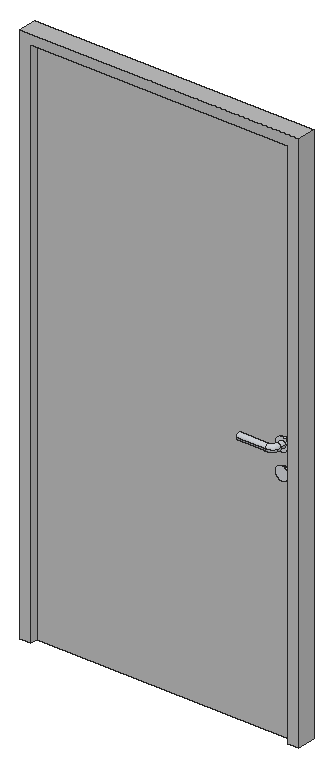
Revit family "BRU_Дверь_Однопольная_Стальная_Кл_П", category Двери, Revit 2021
Family settings
  Основа = Стена
  Номер OmniClass = 23.30.10.00
  Заголовок OmniClass = Doors
  Всегда вертикально = Да
  При загрузке вырезать с полостями = Нет
  Общий = Нет
  Точка принадлежности помещению = Нет
Parameters (values of type "ДСВ-О-Н-EI60 1100х2100(h) Пр")
  Четверть сверху.Размер [instance] = 30 mm
  Четверть (есть/нет) [instance] = no
  Четверть сверху [instance] = if([Четверть (есть/нет)], Четверть сверху.Размер, 0 mm)  # 0 mm
  Четверть сбоку [instance] = if([Четверть (есть/нет)], Четверти сбоку.Размер, 0 mm)  # 0 mm
  Четверти сбоку.Размер [instance] = 30 mm
  Угол в плане 30 [instance] = yes
  Тип полотна двери = Полотно : Глухое
  Ручка двери = none
  Рама двери.Ширина справа = 80 mm
  Рама двери.Ширина слева = 80 mm
  Рама двери.Ширина внизу = 80 mm
  Рама двери.Ширина вверху = 80 mm
  Полотно двери. Высота = Height - Коробка.Ширина - 20 mm  # 2050 mm
  Площадь [instance] = Rough Width * Rough Height  # 2.2048 m²
  Откосы.Ширина [instance] = 530 mm
  Define Thermal Properties by = 1
  Fire Rating = ""
  О_Обозначение = ""
  О_Наименование = ""
  Монтажный зазор снизу.Толщина [instance] = 130 mm
  Монтажный зазор сверху.Толщина = 20 mm
  Коробка.Ширина = 30 mm
  Коробка.Толщина = 70 mm
  Правая = yes
  Полотно.Толщина = 40 mm
  Полотно двери = none
  Остекление двери = none
  Наличник.Ширина [instance] = 60 mm
  Наличник.Толщина [instance] = 10 mm
  Наличник снаружи (есть/нет) [instance] = no
  Наличник внутри (есть/нет) [instance] = no
  Монтажный зазор сбоку.Толщина = 20 mm
  Type Comments = ""
  Глубина выреза проема наружу [instance] = 200 mm
  Глубина выреза проема внутрь [instance] = 200 mm
  Глубина вставки двери [instance] = 0 mm
  Левая = not(Правая)  # no
  Защитное ограждение (есть/нет) = no
  Огибание наружных слоев [instance] = 0 mm
  Width = 1100 mm
  Rough Width [instance] = Width - Монтажный зазор сбоку.Толщина * 2  # 1060 mm
  Rough Height [instance] = Height - Монтажный зазор сверху.Толщина  # 2080 mm
  Группа модели = "Дверь глухая с порогом"
  Manufacturer = ""
  Wall Closure = (empty or 0)
  Height = 2100 mm
  Description = ""
  Тип конструкций = "Дверь стальная"
  Аналитическая конструкция = "<Нет>"
  BRU_ДверьТип = "BRU_Дверь_Однопольная_Стальная_Техническая_Противопожарная"
  ADSK_Этаж [instance] = ""
  ADSK_Толщина стены [instance] = 0 mm
  ADSK_Примечание [instance] = ""
  ADSK_Предел огнестойкости = "EI60"
  ADSK_Позиция [instance] = ""
  ADSK_Открывание = if(Правая, "Правая", "Левая")  # "Правая"
  ADSK_Обозначение = "ГОСТ 31173-2016"  # constant formula
  ADSK_Наименование краткое = ""
  ADSK_Наименование = "ДСВ-О-Н-EI60 1100х2100(h)"
  ADSK_Масса_Текст = ""
  ADSK_Количество [instance] = 0
  ADSK_Код изделия = ""
  ADSK_Зона [instance] = ""
  ADSK_Завод-изготовитель = ""
  ADSK_Единица измерения = ""
  ADSK_Группирование [instance] = ""
  ADSK_URL страницы изделия = ""
  ADSK_URL документации изделия = ""
Types (2, lengths in mm): name | Правая | Левая | ADSK_Открывание
  ДСВ-О-Н-EI60 1100х2100(h) Пр | yes | no | "Правая"
  ДСВ-О-Н-EI60 1100х2100(h) Л | no | yes | "Левая"
Reference planes
  plane 1: y = 0
  plane 2 "По центру (Влево/Вправо)": x = 0
  plane 3 "Слева": x = -530
  plane 4 "Справа": x = 530
  plane 5: z = 2230
  plane 6 "Наружный": y = 300
  plane 7 "Внутренние": y = -300
  plane 8 "Вставка двери": y = 300
  plane 9 "Четверть слева": x = -530
  plane 10 "Четверть справа": x = 530
  plane 11 "Четверть сверху": z = 2230
  plane 12 "Полотно двери": y = 260
  plane 13 "Рама внутри": y = 230
  plane 14 "Монтажный зазор слева": x = -550
  plane 15 "Монтажный зазор справа": x = 550
  plane 16 "Монтажный зазор сверху": z = 2210
  plane 17 "Глубина огибания наружного слоя": y = 300
  plane 18: y = 310
  plane 19: x = 520
  plane 20: y = -310
  plane 21: x = -520
  plane 22: y = 500
  plane 23: y = -500
  plane 24 "2": z = 130
Forms (mm)
  Extrusion 1, void
    sketch origin (0, 0, 0) x (1, 0, 0) y (0, 1, 0)
      loop
        line (550, 300) -> (-550, 300) -> (-550, -500) -> (550, -500) -> (550, 300)
    from 0 to 2230
  Extrusion 2, void
    sketch origin (0, 0, 0) x (1, 0, 0) y (0, 1, 0)
      loop
        line (550, 500) -> (-550, 500) -> (-550, 300) -> (550, 300) -> (550, 500)
    from 0 to 2230
  Sweep 3, solid, material <- "Полотно двери", visible <- "Наличник снаружи (есть/нет)", detail levels fine
    path origin (0, 300, 0) x (1, 0, 0) y (0, 0, 1)
      loop
        line (-530, 130) -> (-530, 2230) -> (530, 2230) -> (530, 130)
    profile origin (-530, 300, 1180) x (-1, 0, 0) y (0, -1, 0)
      loop
        line (-10, 0) -> (-10, -5)
        arc (-10, -5) -> (-8.536, -8.536) -> (-5, -10) r 5
        line (-5, -10) -> (45, -10)
        arc (45, -10) -> (48.536, -8.536) -> (50, -5) r 5
        line (50, -5) -> (50, 0) -> (-10, 0)
  Sweep 4, solid, material <- "Полотно двери", visible <- "Наличник внутри (есть/нет)", detail levels fine
    path origin (0, -300, 0) x (1, 0, 0) y (0, 0, 1)
      loop
        line (-530, 130) -> (-530, 2230) -> (530, 2230) -> (530, 130)
    profile origin (-530, -300, 1180) x (-1, 0, 0) y (0, -1, 0)
      loop
        line (20, 0) -> (80, 0) -> (80, 5)
        arc (80, 5) -> (78.536, 8.536) -> (75, 10) r 5
        line (75, 10) -> (25, 10)
        arc (25, 10) -> (21.464, 8.536) -> (20, 5) r 5
        line (20, 5) -> (20, 0)
  Sweep 5, solid, material <- "Полотно двери"
    path origin (0, 300, 0) x (-1, 0, 0) y (0, 0, 1)
      loop
        line (530, 130) -> (530, 2210) -> (-530, 2210) -> (-530, 130)
    profile origin (530, 300, 1170) x (0, 1, 0) y (-1, 0, 0)
      loop
        line (0, 0) -> (0, 30) -> (-40, 30) -> (-40, 40) -> (-70, 40) -> (-70, 0) -> (0, 0)
  Sweep 6, solid, material <- "Полотно двери", visible <- "Наличник снаружи (есть/нет)", detail levels fine
    path origin (0, 300, 0) x (-1, 0, 0) y (0, 0, 1)
      loop
        line (530, 130) -> (530, 2230) -> (-530, 2230) -> (-530, 130)
    profile origin (530, 300, 1180) x (0, 1, 0) y (-1, 0, 0)
      loop
        line (5, 0) -> (5, 10) -> (0, 10) -> (0, 0) -> (5, 0)
Cuts and joins
  joined: Sweep 3, Sweep 6
Lines and regions (mm)
  Masking region 1, detail levels fine
    outline origin (0, 0, 0) x (0, 1, 0) y (0, 0, 1)
      loop
        line (230, 2170) -> (260, 2170) -> (260, 2180) -> (300, 2180) -> (300, 2210) -> (230, 2210) -> (230, 2170)
  Masking region 2, detail levels fine
    outline origin (0, 0, 0) x (0, 1, 0) y (0, 0, 1)
      loop
        line (300, 130) -> (300, 2180) -> (260, 2180) -> (260, 130) -> (300, 130)
  Masking region 3, detail levels fine
    outline origin (0, 0, 0) x (0, 1, 0) y (0, 0, 1)
      loop
        line (230, 2170) -> (230, 130) -> (260, 130) -> (260, 2170) -> (230, 2170)
  Masking region 4, detail levels coarse+medium
    outline origin (0, 0, 0) x (0, 1, 0) y (0, 0, 1)
      loop
        line (300, 130) -> (300, 2230) -> (230, 2230) -> (230, 130) -> (300, 130)
  model lines
    curve 1: line (530, 300, 130) -> (550, 300, 130)
    curve 2: line (550, 300, 130) -> (550, 300, 2230)
    curve 3: line (550, 300, 2230) -> (-550, 300, 2230)
    curve 4: line (-550, 300, 2230) -> (-550, 300, 130)
    curve 5: line (-550, 300, 130) -> (-530, 300, 130)
Text (mm)
  text "Наружный" at (-2295.016, 1099.543, 0), in view "Опорный уровень "
  text "Наружный" at (0, 1615.38, 3698.081), in view "Слева"
  text "Наружный" at (0, 1036.032, 3874.932), in view "Справа"
Dimensions and locks
  equal spacing: plane 14 "Монтажный зазор слева", plane 2 "По центру (Влево/Вправо)", plane 15 "Монтажный зазор справа"
  "Width": plane 14 "Монтажный зазор слева" to plane 15 "Монтажный зазор справа"
  "Rough Height": plane 16 "Монтажный зазор сверху" to plane 24 "2"
  host wall to plane 5 = 2230 mm  (x2)
  locked: plane 6 "Наружный" to host wall
  locked: plane 7 "Внутренние" to host wall
  "Четверть сбоку": plane 3 "Слева" to plane 9 "Четверть слева"
  "Четверть сбоку": plane 10 "Четверть справа" to plane 4 "Справа"
  "Глубина вставки двери": plane 6 "Наружный" to plane 8 "Вставка двери"
  "Наличник.Ширина": Sweep 3 sketch curve to plane 21
  "Коробка.Толщина": plane 8 "Вставка двери" to plane 13 "Рама внутри"
  "Полотно.Толщина": plane 8 "Вставка двери" to plane 12 "Полотно двери"
  "Огибание наружных слоев": plane 6 "Наружный" to plane 17 "Глубина огибания наружного слоя"
  "Наличник.Ширина": Sweep 4 sketch curve to Sweep 4 sketch curve
  locked: Sweep 4 sketch curve to Sweep 4 sketch curve at 5  (x4)
  locked: Sweep 3 sketch curve to Sweep 3 sketch curve at 5
  "Коробка.Ширина": Sweep 5 sketch curve to profile plane
  locked: Sweep 5 sketch curve to Sweep 5 sketch curve at 10
  "Наличник.Толщина": plane 7 "Внутренние" to plane 20
  "Наличник.Толщина": plane 18 to plane 6 "Наружный"
  "Наличник.Толщина": plane 9 "Четверть слева" to plane 21
  "Наличник.Толщина": plane 19 to plane 10 "Четверть справа"
  locked: plane 18 to Sweep 3 sketch curve at 5  (x2)
  locked: Sweep 3 sketch curve to plane 21 at 5
  locked: plane 18 to Sweep 6 sketch curve at 5
  "Откосы.Ширина": plane 7 "Внутренние" to plane 13 "Рама внутри"
  equal spacing: plane 3 "Слева", plane 2 "По центру (Влево/Вправо)", plane 4 "Справа"
  "Rough Width": plane 3 "Слева" to plane 4 "Справа"
  "Глубина выреза проема внутрь": plane 23 to plane 7 "Внутренние"
  "Глубина выреза проема наружу": plane 6 "Наружный" to plane 22
  "Монтажный зазор снизу.Толщина": level to plane 24 "2"
  "Монтажный зазор сверху.Толщина": plane 5 to plane 16 "Монтажный зазор сверху"
  "Четверть сверху": plane 5 to plane 11 "Четверть сверху"
  aligned and locked: plane 1 to host wall
  aligned and locked: plane 8 "Вставка двери" to Extrusion 1 sketch curve
  aligned and locked: Extrusion 1 to level
  aligned and locked: Extrusion 1 to plane 5
  aligned and locked: Extrusion 2 sketch curve to plane 8 "Вставка двери"
  aligned and locked: Extrusion 2 to level
  aligned and locked: plane 11 "Четверть сверху" to Extrusion 2
  aligned and locked: plane 9 "Четверть слева" to Sweep 3 sketch curve
  aligned and locked: plane 11 "Четверть сверху" to Sweep 3 sketch curve
  aligned and locked: plane 10 "Четверть справа" to Sweep 3 sketch curve
  aligned and locked: Sweep 4 sketch curve to plane 3 "Слева"
  aligned and locked: Sweep 4 sketch curve to plane 5
  aligned and locked: Sweep 4 sketch curve to plane 4 "Справа"
  aligned and locked: Sweep 4 sketch curve to plane 7 "Внутренние"
  aligned and locked: Sweep 5 sketch curve to plane 16 "Монтажный зазор сверху"
  aligned and locked: profile plane to Sweep 5 sketch curve
  aligned and locked: plane 13 "Рама внутри" to Sweep 5 sketch curve
  aligned and locked: plane 8 "Вставка двери" to Sweep 5 sketch curve
  aligned and locked: plane 12 "Полотно двери" to Sweep 5 sketch curve
  aligned and locked: plane 12 "Полотно двери" to nested 1
  aligned and locked: nested 1 to plane 8 "Вставка двери"
  aligned and locked: Sweep 5 to nested 1
  aligned and locked: nested 1 to Sweep 5  (x2)
  aligned and locked: plane 2 "По центру (Влево/Вправо)" to nested 2
  aligned and locked: nested 2 to plane 8 "Вставка двери"
  aligned and locked: plane 12 "Полотно двери" to nested 2
  aligned and locked: plane 13 "Рама внутри" to nested 2
  aligned and locked: plane 2 "По центру (Влево/Вправо)" to nested 3
  aligned and locked: plane 8 "Вставка двери" to nested 3
  aligned and locked: nested 3 to plane 12 "Полотно двери"
  aligned and locked: nested 3 to plane 13 "Рама внутри"
  aligned and locked: Sweep 4 sketch curve to plane 14 "Монтажный зазор слева"
  aligned and locked: profile plane to Sweep 3 sketch curve
  aligned and locked: Sweep 6 sketch curve to plane 11 "Четверть сверху"
  aligned and locked: plane 10 "Четверть справа" to Sweep 6 sketch curve  (x2)
  aligned and locked: plane 9 "Четверть слева" to Sweep 6 sketch curve
  aligned and locked: plane 8 "Вставка двери" to Sweep 6 sketch curve
  aligned and locked: plane 20 to Sweep 4 sketch curve
  aligned and locked: plane 18 to Sweep 3 sketch curve
  aligned and locked: Sweep 6 sketch curve to plane 19
  aligned and locked: Masking region 1 sketch curve to Sweep 5  (x2)
  aligned and locked: plane 12 "Полотно двери" to Masking region 1 sketch curve
  aligned and locked: plane 13 "Рама внутри" to Masking region 1 sketch curve
  aligned and locked: plane 8 "Вставка двери" to Masking region 1 sketch curve
  aligned and locked: plane 16 "Монтажный зазор сверху" to Masking region 1 sketch curve
  aligned and locked: plane 8 "Вставка двери" to Masking region 2 sketch curve
  aligned and locked: plane 12 "Полотно двери" to Masking region 2 sketch curve
  aligned and locked: Masking region 2 sketch curve to Sweep 5
  aligned and locked: Masking region 3 sketch curve to Sweep 5
  aligned and locked: plane 13 "Рама внутри" to Masking region 3 sketch curve
  aligned and locked: plane 12 "Полотно двери" to Masking region 3 sketch curve
  aligned and locked: plane 8 "Вставка двери" to Masking region 4 sketch curve
  aligned and locked: plane 13 "Рама внутри" to Masking region 4 sketch curve
  aligned and locked: plane 5 to Masking region 4 sketch curve
  aligned and locked: plane 22 to Extrusion 2 sketch curve
  aligned and locked: Extrusion 1 sketch curve to plane 23
  aligned and locked: plane 24 "2" to Sweep 5 sketch curve  (x2)
  aligned and locked: plane 24 "2" to Sweep 3 sketch curve  (x2)
  aligned and locked: plane 24 "2" to Sweep 6 sketch curve  (x2)
  aligned and locked: plane 24 "2" to Sweep 4 sketch curve  (x2)
  aligned and locked: Masking region 4 sketch curve to plane 24 "2"
  aligned and locked: Masking region 3 sketch curve to plane 24 "2"
  aligned and locked: Masking region 2 sketch curve to plane 24 "2"
  aligned and locked: plane 14 "Монтажный зазор слева" to Extrusion 1 sketch curve
  aligned and locked: Extrusion 1 sketch curve to plane 15 "Монтажный зазор справа"
  aligned and locked: plane 14 "Монтажный зазор слева" to Extrusion 2 sketch curve
  aligned and locked: Extrusion 2 sketch curve to plane 15 "Монтажный зазор справа"
  aligned and locked: Sweep 5 sketch curve to plane 4 "Справа"
  aligned and locked: Sweep 5 sketch curve to plane 3 "Слева"
Automatic sketch dimensions
  plane 15 "Монтажный зазор справа" to curve 1 = 0 mm
  plane 4 "Справа" to curve 1 = 0 mm
  plane 3 "Слева" to curve 5 = 0 mm
  plane 14 "Монтажный зазор слева" to curve 4 = 0 mm
  curve 1 to plane 24 "2" = 0 mm
  curve 5 to plane 24 "2" = 0 mm
  curve 3 to plane 5 = 0 mm
Nested families
  nested 1: "Полотно" at (0, 300, 130), type <- "Тип полотна двери", Полотно двери.Высота <- "Полотно двери. Высота", type "Глухое"
    with Полотно двери.Ширина 1000 mm, Полотно двери.Толщина 40 mm, Полотно двери.Высота 2050 mm
  nested 2: "Обозначение на плане" at (0, 300, 0), Ширина двери <- "Width", visible <- "Правая", Монтажный зазор <- "Монтажный зазор сбоку.Толщина", Ширина коробки <- "Коробка.Ширина", Толщина полотна двери <- "Полотно.Толщина", Толщина коробки <- "Коробка.Толщина", type "По-умолчанию"
    with Ширина полотна двери 1000 mm, Ширина коробки 30 mm, Ширина двери 1100 mm, Толщина полотна двери 40 mm, Толщина коробки 70 mm, Монтажный зазор 20 mm
  nested 3: "Обозначение на плане" at (0, 300, 0) x (-1, 0, 0) z (0, 0, 1), Ширина двери <- "Width", visible <- "Левая", Монтажный зазор <- "Монтажный зазор сбоку.Толщина", Ширина коробки <- "Коробка.Ширина", Толщина полотна двери <- "Полотно.Толщина", Толщина коробки <- "Коробка.Толщина", type "По-умолчанию"
    with Ширина полотна двери 1000 mm, Ширина коробки 30 mm, Ширина двери 1100 mm, Толщина полотна двери 40 mm, Толщина коробки 70 mm, Монтажный зазор 20 mm
Definition of nested family "Полотно"
  Parameters (values of type "Глухое")
    Ручка.Отступ от края = 50 mm
    Ручка.Высота расположения = 1000 mm
    Ручка двери = none
    Рама справа.Ширина = 150 mm
    Рама слева.Ширина = 150 mm
    Рама внизу.Ширина = 600 mm
    Рама вверху.Ширина = 150 mm
    Правая = yes
    Полотно остекленное = no
    Полотно двери.Ширина [instance] = 1000 mm
    Полотно двери.Толщина [instance] = 40 mm
    Полотно двери.Высота [instance] = 2100 mm
    Полотно двери = none
    Полотно глухое = yes
    Остекление двери = none
    Левая = not(Правая)  # no
    Защитные ограждения = no
    Analytic Construction = "<Нет>"
  Types (2, lengths in mm): name | Рама справа.Ширина | Рама слева.Ширина | Рама внизу.Ширина | Рама вверху.Ширина | Полотно остекленное | Полотно глухое
    Глухое | 150 | 150 | 600 | 150 | no | yes
    Остекленное | 80 | 80 | 80 | 80 | yes | no
  Reference planes
    plane 1 "Center (Front/Back)": y = 0
    plane 2: z = 0
    plane 3 "Center (Left/Right)": x = 0
    plane 4: x = -500
    plane 5: x = 500
    plane 6 "Back": y = -40
    plane 7: z = 2100
    plane 8 "Высота расположения ручки": z = 1000
    plane 9 "Отступ ручки справа": x = 450
    plane 10 "Отступ ручки слева": x = -450
    plane 11 "Остекление снаружи": y = -8
    plane 12 "Остекление внутри": y = -32
    plane 13 "Ширина рамы справа": x = -350
    plane 14 "Ширина рамы слева": x = 350
    plane 15 "Ширина рамы внизу": z = 600
    plane 16 "Ширина рамы вверху": z = 1950
    plane 17: z = 950
    plane 18: z = 800
    plane 19: z = 650
    plane 20: z = 1050
  Forms (mm)
    Extrusion 1, solid, material <- "Полотно двери", visible <- "Полотно глухое"
      sketch origin (0, 0, 0) x (1, 0, 0) y (0, 0, 1)
        loop
          line (-500, 2100) -> (-500, 0) -> (500, 0) -> (500, 2100) -> (-500, 2100)
      from 0 to 40 <- "Полотно двери.Толщина"
    Extrusion 2, solid, material <- "Полотно двери", visible <- "Полотно остекленное"
      sketch origin (0, 0, 0) x (1, 0, 0) y (0, 0, 1)
        loop
          line (-500, 2100) -> (-500, 0) -> (500, 0) -> (500, 2100) -> (-500, 2100)
        loop
          line (-350, 600) -> (350, 600) -> (350, 1950) -> (-350, 1950) -> (-350, 600)
      from 0 to 40
    Extrusion 3, solid, material <- "Остекление двери", visible <- "Полотно остекленное"
      sketch origin (-646.608, -8, 1200) x (-1, 0, 0) y (0, 0, 1)
        loop
          line (-296.608, 750) -> (-996.608, 750) -> (-996.608, -600) -> (-296.608, -600) -> (-296.608, 750)
      from 0 to -24
    Sweep 4, solid, material <- "Ручка двери", visible <- "Защитные ограждения", detail levels medium+fine
      path origin (-858.179, -1524, 950) x (-1, 0, 0) y (0, -1, 0)
        loop
          arc (-478.179, -1469) -> (-482.572, -1458.393) -> (-493.179, -1454) r 15
          line (-493.179, -1454) -> (-1223.179, -1454)
          arc (-1223.179, -1454) -> (-1233.785, -1458.393) -> (-1238.179, -1469) r 15
          line (-1238.179, -1469) -> (-1238.179, -1539)
          arc (-1238.179, -1539) -> (-1233.785, -1549.607) -> (-1223.179, -1554) r 15
          line (-1223.179, -1554) -> (-493.179, -1554)
          arc (-493.179, -1554) -> (-482.572, -1549.607) -> (-478.179, -1539) r 15
          line (-478.179, -1539) -> (-478.179, -1469)
      profile origin (-380, -20, 950) x (-1, 0, 0) y (0, 0, 1)
        loop
          circle (0, 0) r 10
    Sweep 5, solid, material <- "Ручка двери", visible <- "Защитные ограждения", detail levels medium+fine
      path origin (-858.179, -1524, 800) x (-1, 0, 0) y (0, -1, 0)
        loop
          arc (-478.179, -1469) -> (-482.572, -1458.393) -> (-493.179, -1454) r 15
          line (-493.179, -1454) -> (-1223.179, -1454)
          arc (-1223.179, -1454) -> (-1233.785, -1458.393) -> (-1238.179, -1469) r 15
          line (-1238.179, -1469) -> (-1238.179, -1539)
          arc (-1238.179, -1539) -> (-1233.785, -1549.607) -> (-1223.179, -1554) r 15
          line (-1223.179, -1554) -> (-493.179, -1554)
          arc (-493.179, -1554) -> (-482.572, -1549.607) -> (-478.179, -1539) r 15
          line (-478.179, -1539) -> (-478.179, -1469)
      profile origin (-380, -20, 800) x (-1, 0, 0) y (0, 0, 1)
        loop
          circle (0, 0) r 10
    Sweep 6, solid, material <- "Ручка двери", visible <- "Защитные ограждения", detail levels medium+fine
      path origin (-858.179, -1524, 650) x (-1, 0, 0) y (0, -1, 0)
        loop
          arc (-478.179, -1469) -> (-482.572, -1458.393) -> (-493.179, -1454) r 15
          line (-493.179, -1454) -> (-1223.179, -1454)
          arc (-1223.179, -1454) -> (-1233.785, -1458.393) -> (-1238.179, -1469) r 15
          line (-1238.179, -1469) -> (-1238.179, -1539)
          arc (-1238.179, -1539) -> (-1233.785, -1549.607) -> (-1223.179, -1554) r 15
          line (-1223.179, -1554) -> (-493.179, -1554)
          arc (-493.179, -1554) -> (-482.572, -1549.607) -> (-478.179, -1539) r 15
          line (-478.179, -1539) -> (-478.179, -1469)
      profile origin (-380, -20, 650) x (-1, 0, 0) y (0, 0, 1)
        loop
          circle (0, 0) r 10
  Lines and regions (mm)
    symbolic lines, visible <- "Правая", detail levels medium
      curve 1: line (-500, 0, 0) -> (500, 0, 1050)
      curve 2: line (500, 0, 1050) -> (-500, 0, 2100)
    symbolic lines, visible <- "Левая", detail levels medium
      curve 3: line (500, 0, 0) -> (-500, 0, 1050)
      curve 4: line (-500, 0, 1050) -> (500, 0, 2100)
  Dimensions and locks
    "Полотно двери.Толщина": plane 1 "Center (Front/Back)" to plane 6 "Back"
    equal spacing: plane 4, plane 3 "Center (Left/Right)", plane 5
    "Полотно двери.Ширина": plane 4 to plane 5
    "Полотно двери.Высота": plane 7 to plane 2
    "Ручка.Высота расположения": plane 8 "Высота расположения ручки" to level
    "Ручка.Отступ от края": plane 5 to plane 9 "Отступ ручки справа"
    "Ручка.Отступ от края": plane 10 "Отступ ручки слева" to plane 4
    locked: plane 12 "Остекление внутри" to plane 6 "Back" at 8
    locked: plane 1 "Center (Front/Back)" to plane 11 "Остекление снаружи" at 8
    "Рама вверху.Ширина": plane 7 to plane 16 "Ширина рамы вверху"
    "Рама внизу.Ширина": plane 15 "Ширина рамы внизу" to plane 2
    "Рама справа.Ширина": plane 5 to plane 14 "Ширина рамы слева"
    "Рама слева.Ширина": plane 13 "Ширина рамы справа" to plane 4
    locked: plane 17 to plane 2 at 950
    plane 17 to plane 18 to plane 19 = 150 mm locked, 150 mm locked
    locked: plane 1 "Center (Front/Back)" to Sweep 4 sketch curve at 30
    locked: Sweep 4 sketch curve to profile plane at 0
    locked: profile plane to Sweep 4 sketch curve at 0
    locked: Sweep 4 sketch curve to plane 6 "Back" at 30
    locked: Sweep 5 sketch curve to profile plane at 0
    locked: profile plane to Sweep 5 sketch curve at 0
    locked: Sweep 5 sketch curve to plane 6 "Back" at 30
    locked: plane 1 "Center (Front/Back)" to Sweep 5 sketch curve at 30
    locked: Sweep 6 sketch curve to profile plane at 0
    locked: profile plane to Sweep 6 sketch curve at 0
    locked: Sweep 6 sketch curve to plane 6 "Back" at 30
    locked: plane 1 "Center (Front/Back)" to Sweep 6 sketch curve at 30
    equal spacing: plane 7, plane 20, plane 2
    locked: Sweep 4 sketch curve to plane 13 "Ширина рамы справа" at 30
    locked: plane 14 "Ширина рамы слева" to Sweep 4 sketch curve at 30
    locked: plane 14 "Ширина рамы слева" to Sweep 5 sketch curve at 30
    locked: Sweep 5 sketch curve to plane 13 "Ширина рамы справа" at 30
    locked: Sweep 6 sketch curve to plane 13 "Ширина рамы справа" at 30
    locked: plane 14 "Ширина рамы слева" to Sweep 6 sketch curve at 30
    locked: Sweep 4 sketch curve to Sweep 4 sketch curve at 15  (x8)
    locked: Sweep 5 sketch curve to Sweep 5 sketch curve at 15  (x8)
    locked: Sweep 6 sketch curve to Sweep 6 sketch curve at 15  (x8)
    aligned and locked: level to plane 2
    aligned and locked: Extrusion 1 sketch curve to plane 7
    aligned and locked: plane 4 to Extrusion 1 sketch curve
    aligned and locked: plane 2 to Extrusion 1 sketch curve
    aligned and locked: Extrusion 1 sketch curve to plane 5
    aligned and locked: Extrusion 1 to plane 1 "Center (Front/Back)"
    aligned and locked: Extrusion 1 to plane 6 "Back"
    aligned and locked: nested 1 to plane 10 "Отступ ручки слева"
    aligned and locked: plane 1 "Center (Front/Back)" to nested 1
    aligned and locked: plane 6 "Back" to nested 1
    aligned and locked: plane 8 "Высота расположения ручки" to nested 1
    aligned and locked: nested 2 to plane 1 "Center (Front/Back)"
    aligned and locked: nested 2 to plane 6 "Back"
    aligned and locked: nested 2 to plane 9 "Отступ ручки справа"
    aligned and locked: nested 2 to plane 8 "Высота расположения ручки"
    aligned and locked: Extrusion 2 sketch curve to plane 4
    aligned and locked: Extrusion 2 sketch curve to plane 5
    aligned and locked: Extrusion 2 sketch curve to plane 7
    aligned and locked: Extrusion 2 sketch curve to plane 2
    aligned and locked: Extrusion 2 sketch curve to plane 15 "Ширина рамы внизу"
    aligned and locked: Extrusion 2 sketch curve to plane 13 "Ширина рамы справа"
    aligned and locked: Extrusion 2 sketch curve to plane 14 "Ширина рамы слева"
    aligned and locked: Extrusion 2 sketch curve to plane 16 "Ширина рамы вверху"
    aligned and locked: Extrusion 2 to plane 1 "Center (Front/Back)"
    aligned and locked: Extrusion 2 to plane 6 "Back"
    aligned and locked: plane 13 "Ширина рамы справа" to Extrusion 3 sketch curve
    aligned and locked: plane 14 "Ширина рамы слева" to Extrusion 3 sketch curve
    aligned and locked: plane 16 "Ширина рамы вверху" to Extrusion 3 sketch curve
    aligned and locked: plane 15 "Ширина рамы внизу" to Extrusion 3 sketch curve
    aligned and locked: Extrusion 3 to plane 11 "Остекление снаружи"
    aligned and locked: Extrusion 3 to plane 12 "Остекление внутри"
    aligned and locked: plane 4 to curve 1
    aligned and locked: plane 2 to curve 1
    aligned and locked: plane 5 to curve 2
    aligned and locked: plane 20 to curve 1
    aligned and locked: plane 7 to Extrusion 2
    aligned and locked: plane 4 to Extrusion 2
  Automatic sketch dimensions
    curve 3 to plane 4 = 0 mm
    curve 2 to plane 4 = 0 mm
    curve 3 to level = 0 mm
    curve 3 to plane 5 = 0 mm
    curve 4 to plane 5 = 0 mm
    curve 4 to plane 20 = 0 mm
    curve 4 to plane 7 = 0 mm
    curve 2 to plane 7 = 0 mm
    radius of Sweep 4 sketch curve = 10 mm
    radius of Sweep 5 sketch curve = 10 mm
    radius of Sweep 6 sketch curve = 10 mm
  Nested families
    nested 1: "Дверная ручка" at (-450, 0, 1000), visible <- "Левая", Полотно двери.Толщина <- "Полотно двери.Толщина", type "Дверная ручка", detail levels fine
      with Полотно двери.Толщина 40 mm
    nested 2: "Дверная ручка" at (450, 0, 1000) x (-1, 0, 0) z (0, 0, 1), visible <- "Правая", Полотно двери.Толщина <- "Полотно двери.Толщина", type "Дверная ручка", detail levels fine
      with Полотно двери.Толщина 40 mm
  Definition of nested family "Дверная ручка"
    Parameters (values of type "Дверная ручка")
      Полотно двери.Толщина [instance] = 40 mm
      Дверная ручка = none
      Analytic Construction = "<Нет>"
    Reference planes
      plane 1 "Center (Front/Back)": y = 0
      plane 2: z = 0
      plane 3 "Center (Left/Right)": x = 0
      plane 4: y = -40
      plane 5: z = -100
    Forms (mm)
      Sweep 1, solid, material <- "Дверная ручка", detail levels medium+fine
        path origin (0, 0, 0) x (1, 0, 0) y (0, 1, 0)
          loop
            line (130, 50) -> (20, 50)
            arc (20, 50) -> (5.858, 44.142) -> (0, 30) r 20
            line (0, 30) -> (0, -70)
            arc (0, -70) -> (5.858, -84.142) -> (20, -90) r 20
            line (20, -90) -> (130, -90)
        profile origin (0, -20, 0) x (1, 0, 0) y (0, 0, 1)
          loop
            circle (0, 0) r 12
      Extrusion 2, solid, material <- "Дверная ручка", detail levels medium+fine
        sketch origin (-2000, -40, 1200) x (-1, 0, 0) y (0, 0, 1)
          loop
            circle (-2000, -1200) r 25
        from 48 to -8
      Extrusion 3, solid, material <- "Дверная ручка", detail levels medium+fine
        sketch origin (-2000, -40, 1100) x (-1, 0, 0) y (0, 0, 1)
          loop
            circle (-2000, -1200) r 25
        from 48 to -8
    Cuts and joins
      joined: Sweep 1, Extrusion 2
    Dimensions and locks
      "Полотно двери.Толщина": plane 1 "Center (Front/Back)" to plane 4
      locked: Sweep 1 sketch curve to plane 4 at 50
      locked: plane 1 "Center (Front/Back)" to Sweep 1 sketch curve at 50
      locked: plane 4 to Sweep 1 sketch curve at 30
      locked: plane 1 "Center (Front/Back)" to Sweep 1 sketch curve at 30
      locked: plane 3 "Center (Left/Right)" to Sweep 1 sketch curve at 20  (x2)
      locked: plane 4 to Extrusion 2 at 8
      locked: Extrusion 3 sketch curve to plane 5 at 0
      locked: plane 3 "Center (Left/Right)" to Extrusion 3 sketch curve at 0
      locked: plane 1 "Center (Front/Back)" to cut or joined group of Sweep 1, Extrusion 2 at 8
      locked: Extrusion 3 to plane 1 "Center (Front/Back)" at 8
      aligned and locked: level to plane 2
      aligned and locked: Sweep 1 sketch curve to plane 3 "Center (Left/Right)"
    Automatic sketch dimensions
      Sweep 1 sketch curve to Sweep 1 sketch curve = 110 mm  (x2)
      Sweep 1 sketch curve to level = 0 mm
      profile plane to Sweep 1 sketch curve = 0 mm
      Extrusion 2 sketch curve to level = 0 mm
      Extrusion 2 sketch curve to plane 3 "Center (Left/Right)" = 0 mm
      radius of Sweep 1 sketch curve = 12 mm
      radius of Extrusion 2 sketch curve = 25 mm
      radius of Extrusion 3 sketch curve = 25 mm
Definition of nested family "Обозначение на плане"
  Parameters (values of type "По-умолчанию")
    Ширина полотна двери [instance] = Ширина двери - 60 mm - Монтажный зазор * 2  # 600 mm
    Ширина коробки [instance] = 30 mm
    Ширина двери [instance] = 700 mm
    Толщина полотна двери [instance] = 40 mm
    Толщина коробки [instance] = 80 mm
    Открывание двери.30° = yes
    Открывание двери.90° = not(Открывание двери.30°)  # no
    Монтажный зазор [instance] = 20 mm
    Линия открывания.Дуга = not(Открывание двери.30°)  # no
  Reference planes
    plane 1 "Center (Front/Back)": y = 0
    plane 2: z = 0
    plane 3 "Center (Left/Right)": x = 0
    plane 4: x = -350
    plane 5: x = 350
    plane 6 "Толщина коробки": y = -80
    plane 7 "Толщина полотна": y = -40
    plane 8: x = -330
    plane 9: x = 330
    plane 10: x = -300
    plane 11: x = 300
  Lines and regions (mm)
    Masking region 1, in view "Ref. Level", visible <- "Открывание двери.30°", detail levels fine
      outline origin (0, 0, 0) x (1, 0, 0) y (0, 1, 0)
        loop
          line (-300, 0) -> (-280, -34.641) -> (239.615, 265.359) -> (219.615, 300) -> (-300, 0)
    Masking region 2, in view "Ref. Level", visible <- "Открывание двери.90°", detail levels fine
      outline origin (0, 140, 0) x (1, 0, 0) y (0, 1, 0)
        loop
          line (-300, -140) -> (-260, -140) -> (-260, 460) -> (-300, 460) -> (-300, -140)
    Masking region 3, in view "Ref. Level", detail levels fine
      outline origin (0, 0, 0) x (1, 0, 0) y (0, 1, 0)
        loop
          line (-330, 0) -> (-350, 0) -> (-350, -80) -> (-330, -80) -> (-330, 0)
    Masking region 4, in view "Ref. Level", detail levels fine
      outline origin (0, 0, 0) x (1, 0, 0) y (0, 1, 0)
        loop
          line (-330, 0) -> (-330, -80) -> (-290, -80) -> (-290, -40) -> (-300, -40) -> (-300, 0) -> (-330, 0)
    Masking region 5, in view "Ref. Level", detail levels fine
      outline origin (0, 0, 0) x (1, 0, 0) y (0, 1, 0)
        loop
          line (330, 0) -> (330, -80) -> (350, -80) -> (350, 0) -> (330, 0)
    Masking region 6, in view "Ref. Level", detail levels fine
      outline origin (0, 0, 0) x (1, 0, 0) y (0, 1, 0)
        loop
          line (330, 0) -> (300, 0) -> (300, -40) -> (290, -40) -> (290, -80) -> (330, -80) -> (330, 0)
    Masking region 7, in view "Ref. Level", visible <- "Открывание двери.90°", detail levels fine
      outline origin (0, 140, 0) x (1, 0, 0) y (0, 1, 0)
        loop
          line (-300, -140) -> (-260, -140) -> (-260, 460) -> (-300, 460) -> (-300, -140)
    detail lines, in view "Ref. Level", visible <- "Открывание двери.90°", detail levels coarse+medium
      curve 1: line (-350, 0, 0) -> (-350, 700, 0)
    detail lines, in view "Ref. Level", visible <- "Линия открывания.Дуга", detail levels coarse+medium
      curve 2: arc (350, 0, 0) -> (144.975, 494.975, 0) -> (-350, 700, 0) r 700
    detail lines, in view "Ref. Level", visible <- "Открывание двери.30°", detail levels coarse+medium
      curve 3: line (-350, 0, 0) -> (256.218, 350, 0)
    detail lines, in view "Ref. Level", visible <- "Линия открывания.Дуга", detail levels fine
      curve 4: arc (300, 0, 0) -> (138.178, 409.878, 0) -> (-260, 598.665, 0) r 600
    detail lines, in view "Ref. Level", visible <- "Открывание двери.30°", detail levels fine
      curve 5: arc (300, 0, 0) -> (284.107, 137.181, 0) -> (237.271, 267.096, 0) r 600
  Dimensions and locks
    equal spacing: plane 4, plane 3 "Center (Left/Right)", plane 5
    "Ширина двери": plane 4 to plane 5
    "Ширина двери": plane 1 "Center (Front/Back)" to curve 1
    "Ширина двери": curve 3 to curve 3
    "Толщина полотна двери": plane 1 "Center (Front/Back)" to plane 7 "Толщина полотна"
    "Толщина коробки": plane 1 "Center (Front/Back)" to plane 6 "Толщина коробки"
    "Монтажный зазор": plane 4 to plane 8
    "Монтажный зазор": plane 9 to plane 5
    "Ширина полотна двери": Masking region 1 sketch curve to Masking region 1 sketch curve
    "Ширина полотна двери": Masking region 2 sketch curve to Masking region 2 sketch curve
    "Толщина полотна двери": Masking region 2 sketch curve to Masking region 2 sketch curve
    "Ширина коробки": plane 8 to plane 10
    "Ширина коробки": plane 11 to plane 9
    locked: plane 10 to Masking region 4 sketch curve at 10
    locked: Masking region 6 sketch curve to plane 11 at 10
    "Ширина полотна двери": Masking region 7 sketch curve to Masking region 7 sketch curve
    "Толщина полотна двери": Masking region 7 sketch curve to Masking region 7 sketch curve
    "Ширина полотна двери": radius of curve 4
    "Ширина полотна двери": radius of curve 5
    locked: plane 1 "Center (Front/Back)" to curve 3 (angle 30.00°)
    locked: plane 1 "Center (Front/Back)" to Masking region 1 sketch curve (angle 30.00°)  (x2)
    aligned and locked: plane 1 "Center (Front/Back)" to curve 1
    aligned and locked: plane 1 "Center (Front/Back)" to curve 2
    aligned and locked: plane 4 to curve 3
    aligned and locked: plane 1 "Center (Front/Back)" to Masking region 1 sketch curve
    aligned and locked: Masking region 2 sketch curve to plane 1 "Center (Front/Back)"
    aligned and locked: Masking region 3 sketch curve to plane 8
    aligned and locked: Masking region 3 sketch curve to plane 4
    aligned and locked: Masking region 3 sketch curve to plane 6 "Толщина коробки"
    aligned and locked: Masking region 3 sketch curve to plane 1 "Center (Front/Back)"
    aligned and locked: Masking region 4 sketch curve to plane 8
    aligned and locked: Masking region 4 sketch curve to plane 10
    aligned and locked: Masking region 4 sketch curve to plane 6 "Толщина коробки"
    aligned and locked: Masking region 4 sketch curve to plane 7 "Толщина полотна"
    aligned and locked: Masking region 4 sketch curve to plane 1 "Center (Front/Back)"
    aligned and locked: plane 1 "Center (Front/Back)" to Masking region 5 sketch curve
    aligned and locked: plane 9 to Masking region 5 sketch curve
    aligned and locked: plane 6 "Толщина коробки" to Masking region 5 sketch curve
    aligned and locked: Masking region 5 sketch curve to plane 5
    aligned and locked: Masking region 6 sketch curve to plane 9
    aligned and locked: Masking region 6 sketch curve to plane 11
    aligned and locked: Masking region 6 sketch curve to plane 1 "Center (Front/Back)"
    aligned and locked: Masking region 6 sketch curve to plane 7 "Толщина полотна"
    aligned and locked: Masking region 6 sketch curve to plane 6 "Толщина коробки"
  Automatic sketch dimensions
    curve 4 to curve 5 = 0 mm  (x2)
    plane 1 "Center (Front/Back)" to curve 4 = 0 mm
    curve 4 to plane 10 = 0 mm
    plane 10 to curve 4 = 40 mm
    curve 5 to plane 11 = 62.729 mm
    Masking region 1 sketch curve to plane 10 = 0 mm
    plane 7 "Толщина полотна" to Masking region 1 sketch curve = 5.359 mm
    Masking region 2 sketch curve to plane 10 = 0 mm
    Masking region 7 sketch curve to plane 10 = 0 mm
    plane 1 "Center (Front/Back)" to Masking region 7 sketch curve = 0 mm
